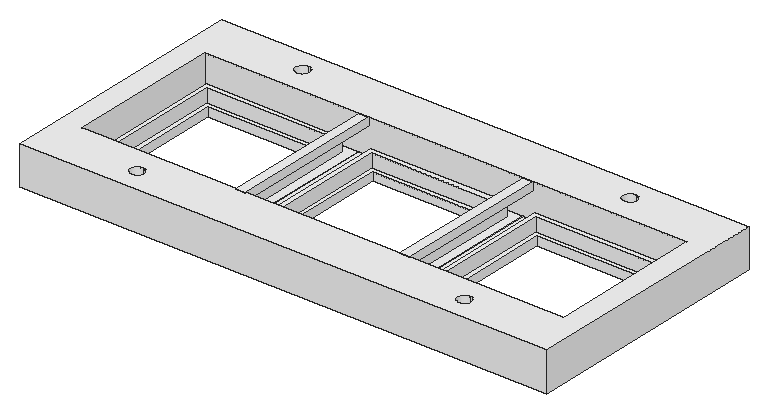
Revit family "Gira_021367", category Electrical Fixtures, host Face, Revit 2017
Family settings
  Host = Face
  Maintain Annotation Orientation = No
  Round Connector Dimension = Use Diameter
  Part Type = Normal
  Cut with Voids When Loaded = No
  Shared = No
  Room Calculation Point = No
Parameters (values of type "Abdeckrahmen 3f Gira TX_44 (WG UP) Anthrazit")
  Werkstoffgüte = "Thermoplast"
  Werkstoff = "Kunststoff"
  URL = "http://katalog.gira.de/de_DE/datenblatt.html?artikelnr=021367"
  Transparent = "No"
  Textfeld/Beschriftungsfläche = "No"
  Schutzart (IP) = "IP44"
  Region = "DE"
  Oberfläche = "lackiert"
  Name = "Abdeckrahmen 3f Gira TX_44 (WG UP) Anthrazit"
  Montagerichtung = "horizontal und vertikal"
  Mit Montagerahmen = "No"
  Mit Klappdeckel = "No"
  Manufacturer URL = "https://www.gira.de/"
  Keynote = "TX44_Rahmen_3fach"
  HeinzeBIM = "https://bimportal.heinze.de/bim/abdeckrahmen-3f-gira-tx-44-wg-up-anthrazit/36dce22646b4781c7f339e0e4aa810683e729ce5"
  Halogenfrei = "No"
  HAN = "021367"
  Geeignet für Unterputz-Installation = "Yes"
  Geeignet für Unterflurkanaldose = "No"
  Geeignet für Geräteeinbaukanal = "No"
  Geeignet für Einbauinstallation = "No"
  GTIN = "4010337213673"
  Farbe = "anthrazit"
  Default Elevation = 1219.2 mm
  Data sheet (1) = "https://katalog.gira.de/de_DE/download.html?artikelnr=021367"
  Category = "Abdeckrahmen"
  Befestigungsart = "Klemmbefestigung"
  Available = "Yes"
  Anzahl der Einheiten vertikal = "3 "
  Anzahl der Einheiten horizontal = "3 "
  Anzahl der Einheiten = "3 "
Reference planes
  plane 1 "Center (Front/Back)": y = 0
  plane 2: z = 0
  plane 3 "Center (Left/Right)": x = 0
  plane 4: x = -33.75
  plane 5: x = -37.75
  plane 6: x = 114.5
Forms (mm)
  Extrusion 1, solid, material "White", detail levels fine
    sketch origin (-71.591, 0, 0) x (0, -1, 0) y (1, 0, 0)
      loop
        line (-54.959, 186.091) -> (-54.959, -42.909) -> (54.959, -42.909) -> (54.959, 186.091) -> (-54.959, 186.091)
      loop
        line (-33.5, -33.5) -> (33.5, -33.5) -> (33.5, 176.683) -> (-33.5, 176.683) -> (-33.5, -33.5)
      loop
        circle (-45, -0.006) r 3
      loop
        circle (44.992, 0.001) r 3
      loop
        circle (-45, 142.594) r 3
      loop
        circle (44.992, 142.601) r 3
    from 0 to 16.9
  Extrusion 2, solid, material "White", detail levels fine
    sketch origin (-71.591, 0, 0) x (0, -1, 0) y (1, 0, 0)
      loop
        line (-25.5, 25.5) -> (-25.5, -25.5) -> (25.5, -25.5) -> (25.5, 25.5) -> (-25.5, 25.5)
      loop
        line (-33.5, 33.5) -> (-33.5, -33.5) -> (33.5, -33.5) -> (33.5, 33.5) -> (-33.5, 33.5)
    from -1.6 to 2
  Extrusion 3, solid, material "White", detail levels fine
    sketch origin (-71.591, 0, 0) x (0, -1, 0) y (1, 0, 0)
      loop
        line (-27.5, 27.5) -> (-27.5, -27.5) -> (27.5, -27.5) -> (27.5, 27.5) -> (-27.5, 27.5)
      loop
        line (-29.5, 29.5) -> (-29.5, -29.5) -> (29.5, -29.5) -> (29.5, 29.5) -> (-29.5, 29.5)
    from 2 to 7.8
  Extrusion 4, solid, material "White", detail levels coarse+medium
    sketch origin (-71.591, 0, 0) x (0, -1, 0) y (1, 0, 0)
      loop
        line (-54.959, 186.091) -> (-54.959, -42.909) -> (54.959, -42.909) -> (54.959, 186.091) -> (-54.959, 186.091)
    from -1.6 to 16.9
  Extrusion 5, solid, material "White", detail levels fine
    sketch origin (0.091, 0, 0) x (0, -1, 0) y (1, 0, 0)
      loop
        line (-25.5, 25.5) -> (-25.5, -25.5) -> (25.5, -25.5) -> (25.5, 25.5) -> (-25.5, 25.5)
      loop
        line (-33.5, 33.5) -> (-33.5, -33.5) -> (33.5, -33.5) -> (33.5, 33.5) -> (-33.5, 33.5)
    from -1.6 to 2
  Extrusion 6, solid, material "White", detail levels fine
    sketch origin (0.091, 0, 0) x (0, -1, 0) y (1, 0, 0)
      loop
        line (-27.5, 27.5) -> (-27.5, -27.5) -> (27.5, -27.5) -> (27.5, 27.5) -> (-27.5, 27.5)
      loop
        line (-29.5, 29.5) -> (-29.5, -29.5) -> (29.5, -29.5) -> (29.5, 29.5) -> (-29.5, 29.5)
    from 2 to 7.8
  Extrusion 7, solid, material "White", detail levels fine
    sketch origin (-71.591, 0, 0) x (0, -1, 0) y (1, 0, 0)
      loop
        line (-33.5, 38.183) -> (-33.5, 33.5) -> (33.5, 33.5) -> (33.5, 38.183) -> (-33.5, 38.183)
    from 0 to 2
  Extrusion 8, solid, material "White", detail levels fine
    sketch origin (-71.591, 0, 0) x (0, -1, 0) y (1, 0, 0)
      loop
        line (-33.5, 37.841) -> (-33.5, 33.841) -> (33.5, 33.841) -> (33.5, 37.841) -> (-33.5, 37.841)
    from 13.4 to 16.9
  Extrusion 9, solid, material "White", detail levels fine
    sketch origin (71.591, 0, 0) x (0, -1, 0) y (1, 0, 0)
      loop
        line (-25.5, 25.5) -> (-25.5, -25.5) -> (25.5, -25.5) -> (25.5, 25.5) -> (-25.5, 25.5)
      loop
        line (-33.5, 33.5) -> (-33.5, -33.5) -> (33.5, -33.5) -> (33.5, 33.5) -> (-33.5, 33.5)
    from -1.6 to 2
  Extrusion 10, solid, material "White", detail levels fine
    sketch origin (71.591, 0, 0) x (0, -1, 0) y (1, 0, 0)
      loop
        line (-27.5, 27.5) -> (-27.5, -27.5) -> (27.5, -27.5) -> (27.5, 27.5) -> (-27.5, 27.5)
      loop
        line (-29.5, 29.5) -> (-29.5, -29.5) -> (29.5, -29.5) -> (29.5, 29.5) -> (-29.5, 29.5)
    from 2 to 7.8
  Extrusion 11, solid, material "White", detail levels fine
    sketch origin (-0.091, 0, 0) x (0, -1, 0) y (1, 0, 0)
      loop
        line (-33.5, 38.183) -> (-33.5, 33.683) -> (33.5, 33.683) -> (33.5, 38.183) -> (-33.5, 38.183)
    from 0 to 2
  Extrusion 12, solid, material "White", detail levels fine
    sketch origin (-0.091, 0, 0) x (0, -1, 0) y (1, 0, 0)
      loop
        line (-33.5, 37.841) -> (-33.5, 33.841) -> (33.5, 33.841) -> (33.5, 37.841) -> (-33.5, 37.841)
    from 13.4 to 16.9
Dimensions and locks
  aligned and locked: plane 2 to host face
  aligned and locked: level to host face
